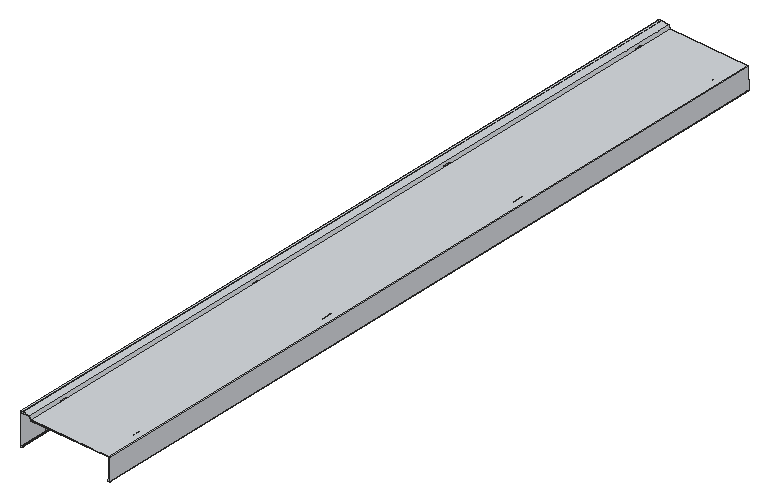
Revit family "ATBB225", category 一般モデル, Revit 2020
Family settings
  鉄筋をホスト可能 = いいえ
  丸型コネクタ寸法 = 直径を使用
  パーツ タイプ = 標準
  作業面ベース = いいえ
  常に垂直 = はい
  ロード時にボイドで切り取り = いいえ
  共有 = いいえ
  部屋計算ポイント = いいえ
Parameters
  笠木長さ = 2000 mm
  既定の高さ = 0 mm
  定尺笠木長さ = 4000 mm
  固定金具数 = 4
  判定 [instance] = if(笠木長さ > 4000 mm, 定尺笠木長さ, 笠木長さ)  # 2000 mm
Reference planes
  plane 1 "中心(正面/背面)": y = 0
  plane 2: z = 0
  plane 3 "中心(左/右)": x = 0
  plane 4: y = -2000
  plane 5: y = -100
  plane 6: y = -1900
  plane 7: z = -43
  plane 8: x = -112.5
  plane 9: x = 112.5
Forms (mm)
  Extrusion 1, solid
    sketch origin (-426, 0, -474.358) x (1, 0, 0) y (0, 0, 1)
      loop
        arc (313.5, 431.863) -> (313.645, 431.506) -> (314, 431.358) r 0.5
        line (314, 431.358) -> (319, 431.358)
        arc (319, 431.358) -> (319.352, 431.503) -> (319.5, 431.853) r 0.5
        line (319.5, 431.853) -> (319.5, 433.253)
        arc (319.5, 433.253) -> (319.358, 433.607) -> (319.009, 433.758) r 0.5
        line (319.009, 433.758) -> (315.6, 433.758) -> (315.6, 506.965)
        arc (315.6, 506.965) -> (316.226, 508.431) -> (317.725, 508.974) r 2
        line (317.725, 508.974) -> (335.22, 507.807)
        arc (335.22, 507.807) -> (336.408, 507.314) -> (337.049, 506.199) r 2
        line (337.049, 506.199) -> (338.753, 497.57) -> (534.533, 484.517)
        arc (534.533, 484.517) -> (535.865, 483.883) -> (536.4, 482.508) r 2
        line (536.4, 482.508) -> (536.4, 433.758) -> (533.009, 433.758)
        arc (533.009, 433.758) -> (532.649, 433.615) -> (532.5, 433.258) r 0.5
        line (532.5, 433.258) -> (532.5, 431.858)
        arc (532.5, 431.858) -> (532.646, 431.504) -> (533, 431.358) r 0.5
        line (533, 431.358) -> (538, 431.358)
        arc (538, 431.358) -> (538.353, 431.504) -> (538.5, 431.858) r 0.5
        line (538.5, 431.858) -> (538.5, 484.487)
        arc (538.5, 484.487) -> (537.942, 485.873) -> (536.58, 486.486) r 2
        line (536.58, 486.486) -> (340.501, 499.558) -> (338.5, 509.693) -> (315.633, 511.218)
        arc (315.633, 511.218) -> (314.138, 510.687) -> (313.5, 509.235) r 2
        line (313.5, 509.235) -> (313.5, 431.863)
    from 0 to 2000
  Extrusion 2, solid, not visible
    sketch origin (-97.167, 0, -136.034) x (1, 0, 0) y (0, 0, 1)
      loop
        arc (313.5, 431.863) -> (313.645, 431.506) -> (314, 431.358) r 0.5
        line (314, 431.358) -> (319, 431.358)
        arc (319, 431.358) -> (319.352, 431.503) -> (319.5, 431.853) r 0.5
        line (319.5, 431.853) -> (319.5, 433.253)
        arc (319.5, 433.253) -> (319.358, 433.607) -> (319.009, 433.758) r 0.5
        line (319.009, 433.758) -> (315.6, 433.758) -> (315.6, 506.965)
        arc (315.6, 506.965) -> (316.226, 508.431) -> (317.725, 508.974) r 2
        line (317.725, 508.974) -> (335.22, 507.807)
        arc (335.22, 507.807) -> (336.408, 507.314) -> (337.049, 506.199) r 2
        line (337.049, 506.199) -> (338.753, 497.57) -> (534.533, 484.517)
        arc (534.533, 484.517) -> (535.865, 483.883) -> (536.4, 482.508) r 2
        line (536.4, 482.508) -> (536.4, 433.758) -> (533.009, 433.758)
        arc (533.009, 433.758) -> (532.649, 433.615) -> (532.5, 433.258) r 0.5
        line (532.5, 433.258) -> (532.5, 431.858)
        arc (532.5, 431.858) -> (532.646, 431.504) -> (533, 431.358) r 0.5
        line (533, 431.358) -> (538, 431.358)
        arc (538, 431.358) -> (538.353, 431.504) -> (538.5, 431.858) r 0.5
        line (538.5, 431.858) -> (538.5, 484.487)
        arc (538.5, 484.487) -> (537.942, 485.873) -> (536.58, 486.486) r 2
        line (536.58, 486.486) -> (340.501, 499.558) -> (338.5, 509.693) -> (315.633, 511.218)
        arc (315.633, 511.218) -> (314.138, 510.687) -> (313.5, 509.235) r 2
        line (313.5, 509.235) -> (313.5, 431.863)
    from 0 to 250
Dimensions and locks
  "笠木長さ": plane 4 to plane 1 "中心(正面/背面)"
  locked: plane 5 to plane 1 "中心(正面/背面)" at 100
  locked: plane 6 to plane 4 at 100
  locked: plane 7 to plane 2 at 43
  locked: plane 8 to plane 3 "中心(左/右)" at 112.5
  plane 9 to plane 3 "中心(左/右)" = 112.5 mm
  locked: nested 1 to plane 1 "中心(正面/背面)" at 75
  equal spacing: group 2, group 4, group 5, group 3  (x2)
  equal spacing: group 3, group 5, group 4, group 2
  locked: nested 2 to plane 6 at 25
  "判定": Extrusion 1 to plane 1 "中心(正面/背面)"
  aligned and locked: level to plane 2
  aligned and locked: plane 8 to Extrusion 1
  aligned and locked: plane 7 to Extrusion 1
  aligned and locked: plane 4 to Extrusion 1
Automatic sketch dimensions
  plane 8 to Extrusion 1 sketch curve = 0 mm
  Extrusion 1 sketch curve to plane 7 = 0 mm  (x2)
  Extrusion 1 sketch curve to plane 8 = 0.5 mm  (x2)
  Extrusion 1 sketch curve to plane 8 = 2 mm
  Extrusion 1 sketch curve to plane 8 = 2.1 mm
  Extrusion 1 sketch curve to Extrusion 1 sketch curve = 2 mm
  Extrusion 1 sketch curve to Extrusion 1 sketch curve = 0.125 mm
  Extrusion 1 sketch curve to Extrusion 1 sketch curve = 3.4 mm
  Extrusion 1 sketch curve to plane 7 = 0.5 mm  (x3)
  Extrusion 1 sketch curve to Extrusion 1 sketch curve = 0 mm  (x24)
  Extrusion 1 sketch curve to Extrusion 1 sketch curve = 0.009 mm  (x2)
  Extrusion 1 sketch curve to Extrusion 1 sketch curve = 0.5 mm  (x3)
  Extrusion 1 sketch curve to Extrusion 1 sketch curve = 17.487 mm
  Extrusion 1 sketch curve to Extrusion 1 sketch curve = 3.413 mm
  Extrusion 1 sketch curve to Extrusion 1 sketch curve = 3.666 mm
  Extrusion 1 sketch curve to Extrusion 1 sketch curve = 1.748 mm
  Extrusion 1 sketch curve to plane 9 = 5.5 mm
  Extrusion 1 sketch curve to plane 9 = 4.1 mm
  Extrusion 1 sketch curve to plane 9 = 2.1 mm
  Extrusion 1 sketch curve to Extrusion 1 sketch curve = 0.1 mm
  Extrusion 1 sketch curve to plane 9 = 1.92 mm
  Extrusion 1 sketch curve to plane 9 = 0.5 mm
  Extrusion 1 sketch curve to plane 7 = 0.495 mm
  Extrusion 1 sketch curve to Extrusion 1 sketch curve = 0.005 mm  (x2)
  Extrusion 1 sketch curve to Extrusion 1 sketch curve = 1.4 mm  (x2)
  Extrusion 1 sketch curve to plane 7 = 2.4 mm
  level to Extrusion 1 sketch curve = 8.15 mm
  Extrusion 1 sketch curve to Extrusion 1 sketch curve = 0.013 mm  (x3)
  Extrusion 1 sketch curve to Extrusion 1 sketch curve = 1.979 mm
  Extrusion 1 sketch curve to Extrusion 1 sketch curve = 1.998 mm
  level to Extrusion 1 sketch curve = 23.212 mm
  Extrusion 1 sketch curve to Extrusion 1 sketch curve = 1.988 mm
  Extrusion 1 sketch curve to Extrusion 1 sketch curve = 6.254 mm
  Extrusion 1 sketch curve to Extrusion 1 sketch curve = 1.153 mm
  Extrusion 1 sketch curve to Extrusion 1 sketch curve = 0.248 mm
  Extrusion 1 sketch curve to Extrusion 1 sketch curve = 3.881 mm
  Extrusion 1 sketch curve to Extrusion 1 sketch curve = 0.133 mm  (x2)
  Extrusion 1 sketch curve to Extrusion 1 sketch curve = 1.962 mm
  Extrusion 1 sketch curve to Extrusion 1 sketch curve = 1.967 mm
  Extrusion 1 sketch curve to plane 9 = 0 mm
  plane 9 to Extrusion 1 sketch curve = 0 mm
  Extrusion 1 sketch curve to Extrusion 1 sketch curve = 0.387 mm
Nested families
  nested 1: "ATAF225" at (0, -75, 0), type "ATAF225"
  nested 2: "ATAF225" at (0, -1875, 0), type "ATAF225"
  nested 3: "ATAF225" at (0, -675, 0), type "ATAF225"
  nested 4: "ATAF225" at (0, -1275, 0), type "ATAF225"
Definition of nested family "ATAF225"
  Parameters
    Default Elevation = 0 mm
  Reference planes
    plane 1 "中心(正面/背面)": y = 0
    plane 2: z = 0
    plane 3 "中心(左/右)": x = 0
  Forms (mm)
    Extrusion 1, solid
      sketch origin (-229.287, 0, -139.362) x (1, 0, 0) y (0, 0, 1)
        loop
          line (339.787, 98.962) -> (339.787, 108.094) -> (332.187, 148.592) -> (310.187, 150.058) -> (310.187, 145.942)
          arc (310.187, 145.942) -> (309.573, 144.5) -> (308.107, 143.944) r 2
          line (308.107, 143.944) -> (290.181, 144.662) -> (273.541, 144.662) -> (250.118, 144.622) -> (246.296, 142.462) -> (238.587, 142.462) -> (238.587, 144.662) -> (236.487, 144.662) -> (236.487, 142.462) -> (230.187, 142.462) -> (230.187, 153.088) -> (238.287, 152.548) -> (238.287, 154.352) -> (229.307, 154.951) -> (220.287, 155.552) -> (220.287, 153.748) -> (228.387, 153.208) -> (228.387, 142.462) -> (222.087, 142.462) -> (222.087, 144.662) -> (219.987, 144.662) -> (219.987, 142.462) -> (212.128, 142.503) -> (208.307, 144.662) -> (181.3, 144.662) -> (168.379, 144.662) -> (155.494, 143.975)
          arc (155.494, 143.975) -> (154.011, 144.521) -> (153.387, 145.972) r 2
          line (153.387, 145.972) -> (153.378, 160.015) -> (128.387, 162.182) -> (118.787, 106.29) -> (118.787, 98.962) -> (120.194, 98.962) -> (130.853, 154.057)
          arc (130.853, 154.057) -> (132.37, 156.489) -> (135.126, 157.282) r 4
          line (135.126, 157.282) -> (146.819, 156.268)
          arc (146.819, 156.268) -> (148.435, 155.462) -> (149.087, 153.779) r 2.5
          line (149.087, 153.779) -> (149.087, 139.362) -> (314.387, 139.362) -> (314.387, 142.897)
          arc (314.387, 142.897) -> (315.179, 144.722) -> (317.053, 145.391) r 2.5
          line (317.053, 145.391) -> (326.076, 144.79)
          arc (326.076, 144.79) -> (328.421, 143.829) -> (329.718, 141.652) r 4
          line (329.718, 141.652) -> (338.187, 101.881) -> (338.187, 98.962) -> (339.787, 98.962)
      from 0 to 50
  Dimensions and locks
    Extrusion 1 to plane 3 "中心(左/右)" = 110.5 mm
    Extrusion 1 to level = 0 mm
    aligned and locked: level to plane 2
